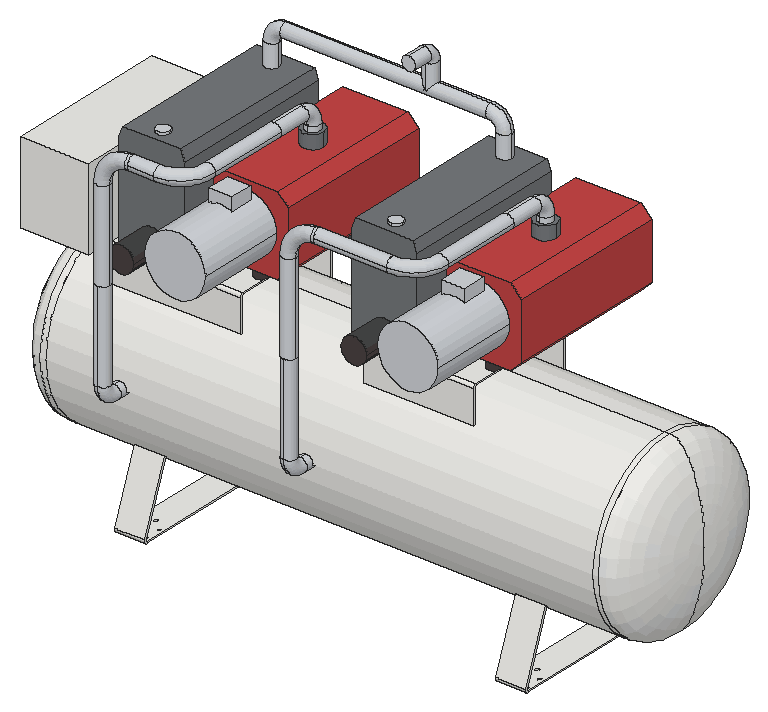
Revit family "HOSPIVAC 2 EVISA", category Equipement de génie climatique, Revit 2018
Family settings
  Cote de connecteur circulaire = Utiliser le diamètre
  Classification = Aucun
  Type d'élément = Normal
  Basée sur le plan de construction = Non
  Toujours verticalement = Oui
  Couper avec des vides une fois chargée = Non
  Partagée = Non
  Point de calcul de pièce = Non
Parameters (values of type "f - HOSPIVAC 2 E200.R")
  ØVIROLE = 650 mm
  ØPOT_FILTRE = 150 mm
  ØFILTRE = 180 mm
  ØCANA = 50 mm
  ZONE_MAINTENANCE [instance] = no
  TENSION_ALIM = 400 V  # constant formula
  TAILLE_POMPE = EVISA : h - E200.R
  PUISS_ELECT_2 = 4 kW
  PUISS_ELECT = 4 kW
  PUISS_APPARENTE_2 = PUISS_ELECT_2 / COS_PHI  # 4444.44 VA
  PUISS_APPARENTE = PUISS_ELECT / COS_PHI  # 4444.44 VA
  POIDS(Kg) = 565 mm
  OFFSET_SELLETTE_1 = 110 mm  # constant formula
  OFFSET_LONG_REFOUL = 221 mm
  OFFSET_LONG_PPE_2 = 940 mm
  OFFSET_LONG_PPE = 90 mm
  OFFSET_LONG_FILTRE2 = 40 mm
  OFFSET_LONG_FILTRE1 = 650 mm
  OFFSET_LONG_CANA_ASPI = 414.5 mm
  OFFSET_LARG_REFOUL = 310.5 mm
  OFFSET_HAUT_SELLETTE = 860 mm
  OFFSET_EVISA300 = 0 mm
  OFFSET_COUDE_CANA_FILTRE = 230 mm
  OFFSET2_LARG_ZONE_MAINT = 600 mm + (ØCANA / 2) + OFFSET_EVISA300  # 625 mm
  OFFSET1_LARG_ZONE_MAINT = 600 mm + (ØFILTRE / 2)  # 690 mm
  NIVEAU_SONORE(dB(A)) = 71
  NEUTRE = yes
  NBR_POLES = 3  # constant formula
  Modèle = "HOSPIVAC"
  Lien espace client = "https://www.mils.fr/en/customers-area/"
  LONG_FOND = 145 mm
  LONGUEUR = 2300 mm
  LARGEUR = 970 mm
  HAUT_TETE_FILTRE = 104 mm
  HAUT_CANA_FILTRE = 30 mm
  HAUTEUR = 1560 mm
  Fabricant = "MIL'S"
  ENTRAXE_CANA_ASPI = 680 mm
  OFFSET_LARG_PPE = 432 mm
  OFFSET_LARG_FILTRE = 410 mm
  OFFSET_LARG_ASPI_PPE = 150 mm
  LONG_SELLETTE_2 = 400 mm
  LONG_SELLETTE_1 = 510 mm
  LONG_OFFSET_REFOUL = 270 mm
  OFFSET_LONG_CANA_REFOUL = 1314 mm
  LONG_ENTRAXE_PIED = 1500 mm
  LG_VIROLE = 2000 mm
  HAUT_VIROLE = 155 mm
  OFFSET_HAUT_FILTRE = 750 mm
  HAUT_REFOUL = 1530 mm
  HAUT_FILTRE = 410 mm
  HAUT_CANA_REFOUL = 1410 mm
  HAUT_ASPI = 1290 mm
  EP.VIROLE = 3 mm
  ENTRAXE_SELLETTE = 450 mm
  ENTRAXE_ALIM_ELEC = 526 mm
  DOUBLE_ALIMENTATION = yes
  DIAM_REFOUL_VIDE = 50 mm
  DIAM_ASPI_VIDE = 50 mm
  DESCR_REFOUL = "Refoulement Vide ; 2x200 m³/h ; G 2\"MAL"
  DESCR_ASPI = "Aspiration Vide ; 2x200 m³/h ; G 2\"FEM"
  DESCR_ALIM_Y = "Alimentation Y ; 5G2.5mm²"
  DESCR_ALIM_X = "Alimentation X ; 5G2.5mm²"
  DEGAG_CALORIFIQUE(kJ/h) = "33074"
  DEBIT_REFOUL_VIDE = DEBIT_ASPI_VIDE  # 400.0 m³/h
  DEBIT_ASPI_VIDE = 400.0 m³/h
  COS_PHI = 0.9  # constant formula
  BRANCHEMENT_TERRE = yes
Reference planes
  plane 1 "Centre (avant/arrière)": y = 0
  plane 2: z = 0
  plane 3 "Centre (gauche/droite)": x = 0
  plane 4: x = -545
  plane 5: x = -545
  plane 6: x = -245
  plane 7 "LG_VIROLE1": x = -1000
  plane 8 "LG_VIROLE2": x = 1000
  plane 9 "HT_VIROLE": z = 155
  plane 10 "HAUT_VIROLE": z = 805
  plane 11: x = -750
  plane 12: x = 750
  plane 13 "LONGUEUR1": x = -1145
  plane 14 "LONGUEUR2": x = 1145
  plane 15: x = -640
  plane 16: x = 640
  plane 17 "OFFSET_SELLETTE1": x = -890
  plane 18: x = -380
  plane 19: x = 70
  plane 20: x = 470
  plane 21 "HAUT_SELLETTE": z = 860
  plane 22: z = 95
  plane 23: y = 300
  plane 24: y = -300
  plane 25 "HAUT_COFFRET": z = 1160
  plane 26 "AV_COFFRET": x = -1112
  plane 27 "AR_COFFRET": x = -862
  plane 28 "OFFSET_HAUT_FILTRE": z = 750
  plane 29 "LARG_FILTRE": y = 410
  plane 30 "OFFSET_LONG_FILTRE2": x = 40
  plane 31 "OFFSET_LONG_FILTRE1": x = -650
  plane 32 "HAUT_FILTRE": z = 410
  plane 33: x = -735
  plane 34: x = -655
  plane 35: y = 237.5
  plane 36: y = 297.5
  plane 37: x = -695
  plane 38: y = 200
  plane 39: y = -200
  plane 40: y = -297.5
  plane 41: y = -237.5
  plane 42: x = 655
  plane 43: x = 735
  plane 44: x = 695
  plane 45 "TUYAUT_FILTRE": z = 720
  plane 46 "OFFSET_CANA_FILTRE1": x = -880
  plane 47 "OFFSET_CANA_FILTRE2": x = 270
  plane 48 "ASPIRATION": x = -221
  plane 49 "OFFSET_ALIM_ELEC": x = -945
  plane 50: y = 263
  plane 51: y = -263
  plane 52: y = -432
  plane 53 "OFFSET_HAUT_REFOUL": z = 1281.512
  plane 54 "HAUT_ASPI": z = 1290
  plane 55 "CENTRE_VIROLE": z = 480
  plane 56 "FLEX_ASPI": y = -400
  plane 57 "OFFSET_REFOUL": y = 310.5
  plane 58 "HAUT_CANA_REFOUL": z = 1410
  plane 59 "HAUT_REFOUL": z = 1530
  plane 60 "LONG_OFFSET_REFOUL": x = -101
  plane 61: x = 169
  plane 62 "OFFSET_LONG_CANA_ASPI_2": x = -50.5
  plane 63 "LARG_COURB_2": x = 59.5
  plane 64 "LARG_COURB_3": x = 585
  plane 65 "OFFSET_LONG_CANA_ASPI": x = -730.5
  plane 66 "LARG_COURB_1": x = -620.5
  plane 67 "IG": x = -1156
  plane 68: z = 646
  plane 69: z = 2130
  plane 70 "OFFSET2_LARG_ZONE_MAINT": y = -1025
  plane 71 "OFFSET1_LARG_ZONE_MAINT": y = 1100
Forms (mm)
  Extrusion 1, solid, not visible
    sketch origin (-671.698, -1524, 268) x (-1, 0, 0) y (0, -1, 0)
      loop
        circle (-126.698, -1132) r 25
    from 0 to 17
  Extrusion 2, solid, not visible
    sketch origin (-671.698, -1524, 268) x (-1, 0, 0) y (0, -1, 0)
      loop
        circle (-126.698, -1132) r 25
    from 0 to 17
  Extrusion 3, solid, not visible
    sketch origin (-371.698, -1524, 268) x (-1, 0, 0) y (0, -1, 0)
      loop
        circle (-126.698, -1132) r 25
    from 0 to 17
  Revolve 4, solid, material "BLANC MILS"
    sketch origin (0, 0, 0) x (1, 0, 0) y (0, 0, 1)
      loop
        line (-1000, 155) -> (1000, 155) -> (1020, 155)
        spline (1020, 155) -> (1036.316, 157.78) -> (1052.352, 166.074) -> (1067.835, 179.739) -> (1082.5, 198.542) -> (1096.095, 222.16) -> (1108.388, 250.19) -> (1119.169, 282.153) -> (1128.253, 317.5) -> (1135.485, 355.628) -> (1140.741, 395.884) -> (1143.931, 437.579) -> (1145, 480)
        line (1145, 480) -> (1142, 480)
        spline (1142, 480) -> (1140.927, 437.734) -> (1137.748, 396.196) -> (1132.522, 356.1) -> (1125.325, 318.15) -> (1116.291, 283.002) -> (1105.588, 251.267) -> (1093.413, 223.505) -> (1080.003, 200.206) -> (1065.637, 181.78) -> (1050.637, 168.54) -> (1035.348, 160.617) -> (1020, 158)
        line (1020, 158) -> (1000, 158) -> (-1000, 158) -> (-1020, 158)
        spline (-1020, 158) -> (-1035.348, 160.617) -> (-1050.637, 168.54) -> (-1065.637, 181.78) -> (-1080.003, 200.206) -> (-1093.413, 223.505) -> (-1105.588, 251.267) -> (-1116.291, 283.002) -> (-1125.325, 318.15) -> (-1132.522, 356.1) -> (-1137.748, 396.196) -> (-1140.927, 437.734) -> (-1142, 480)
        line (-1142, 480) -> (-1145, 480)
        spline (-1145, 480) -> (-1143.931, 437.579) -> (-1140.741, 395.884) -> (-1135.485, 355.628) -> (-1128.253, 317.5) -> (-1119.169, 282.153) -> (-1108.388, 250.19) -> (-1096.095, 222.16) -> (-1082.5, 198.542) -> (-1067.835, 179.739) -> (-1052.352, 166.074) -> (-1036.316, 157.78) -> (-1020, 155)
        line (-1020, 155) -> (-1000, 155)
      axis (-1145, 480) -> (1145, 480)
    angle from 0 to 360
  Extrusion 5, solid, material "BLANC MILS"
    sketch origin (-750, -1524, 469.169) x (0, 0, 1) y (0, -1, 0)
      loop
        line (-469.169, -1213.55) -> (-469.169, -1834.45)
        arc (-469.169, -1834.45) -> (-464.833, -1842.691) -> (-455.585, -1843.786) r 10
        line (-455.585, -1843.786) -> (-218.89, -1752.927) -> (-220.725, -1748.148) -> (-456.407, -1838.618)
        arc (-456.407, -1838.618) -> (-461.535, -1838.855) -> (-464.169, -1834.45) r 5
        line (-464.169, -1834.45) -> (-464.169, -1213.55)
        arc (-464.169, -1213.55) -> (-462.001, -1209.429) -> (-457.377, -1208.882) r 5
        line (-457.377, -1208.882) -> (-221.695, -1299.352) -> (-219.903, -1294.684) -> (-455.585, -1204.214)
        arc (-455.585, -1204.214) -> (-464.833, -1205.309) -> (-469.169, -1213.55) r 10
    from 0 to 110
  Extrusion 6, solid, material "BLANC MILS"
    sketch origin (605, -1524, 469.169) x (0, 0, 1) y (0, -1, 0)
      loop
        line (-469.169, -1214.05) -> (-469.169, -1833.95)
        arc (-469.169, -1833.95) -> (-464.833, -1842.191) -> (-455.585, -1843.286) r 10
        line (-455.585, -1843.286) -> (-219.903, -1752.816) -> (-221.695, -1748.148) -> (-457.377, -1838.618)
        arc (-457.377, -1838.618) -> (-462.001, -1838.071) -> (-464.169, -1833.95) r 5
        line (-464.169, -1833.95) -> (-464.169, -1214.05)
        arc (-464.169, -1214.05) -> (-462.001, -1209.929) -> (-457.377, -1209.382) r 5
        line (-457.377, -1209.382) -> (-221.695, -1299.852) -> (-219.903, -1295.184) -> (-455.585, -1204.714)
        arc (-455.585, -1204.714) -> (-464.833, -1205.809) -> (-469.169, -1214.05) r 10
    from 35 to 145
  Extrusion 7, solid, material "BLANC MILS"
    sketch origin (-900, -1524, 897.628) x (0, 0, 1) y (0, -1, 0)
      loop
        line (-167.628, -1731.5) -> (-47.628, -1731.5)
        arc (-47.628, -1731.5) -> (-40.557, -1728.571) -> (-37.628, -1721.5) r 10
        line (-37.628, -1721.5) -> (-37.628, -1326.5)
        arc (-37.628, -1326.5) -> (-40.557, -1319.429) -> (-47.628, -1316.5) r 10
        line (-47.628, -1316.5) -> (-167.628, -1316.5) -> (-167.628, -1319.5) -> (-47.628, -1319.5)
        arc (-47.628, -1319.5) -> (-42.679, -1321.55) -> (-40.628, -1326.5) r 7
        line (-40.628, -1326.5) -> (-40.628, -1721.5)
        arc (-40.628, -1721.5) -> (-42.679, -1726.45) -> (-47.628, -1728.5) r 7
        line (-47.628, -1728.5) -> (-167.628, -1728.5) -> (-167.628, -1731.5)
    from 10 to 520
  Extrusion 8, solid, material "BLANC MILS"
    sketch origin (70, -1524, 922.267) x (0, 0, 1) y (0, -1, 0)
      loop
        line (-192.267, -1316.5) -> (-192.267, -1319.5) -> (-72.267, -1319.5)
        arc (-72.267, -1319.5) -> (-67.318, -1321.55) -> (-65.267, -1326.5) r 7
        line (-65.267, -1326.5) -> (-65.267, -1721.5)
        arc (-65.267, -1721.5) -> (-67.318, -1726.45) -> (-72.267, -1728.5) r 7
        line (-72.267, -1728.5) -> (-192.267, -1728.5) -> (-192.267, -1731.5) -> (-72.267, -1731.5)
        arc (-72.267, -1731.5) -> (-65.196, -1728.571) -> (-62.267, -1721.5) r 10
        line (-62.267, -1721.5) -> (-62.267, -1326.5)
        arc (-62.267, -1326.5) -> (-65.196, -1319.429) -> (-72.267, -1316.5) r 10
        line (-72.267, -1316.5) -> (-192.267, -1316.5)
    from 0 to 400
  Extrusion 9, solid, material "BLANC MILS"
    sketch origin (837.454, -1524, 95) x (0, -1, 0) y (-1, 0, 0)
      loop
        circle (-1524, -62.546) r 15
    from 0 to -70
  Extrusion 10, solid, material "BLANC MILS"
    sketch origin (-1112, -1524, 1169.64) x (0, 0, 1) y (0, -1, 0)
      loop
        line (-9.64, -1824) -> (-9.64, -1224) -> (-309.64, -1224) -> (-309.64, -1824) -> (-9.64, -1824)
    from 0 to 250
  Extrusion 11, solid, material "NOIR MILS"
    sketch origin (-1112, -1524, 1169.64) x (0, 0, 1) y (0, -1, 0)
      loop
        line (-48.64, -1649) -> (-48.64, -1399) -> (-238.64, -1399) -> (-238.64, -1649) -> (-48.64, -1649)
    from 0 to -3
  Extrusion 12, solid, material "BLANC MILS"
    sketch origin (370.465, 0, 750) x (1, 0, 0) y (0, 1, 0)
      loop
        circle (-1020.465, 410) r 90
      loop
        circle (-330.465, 410) r 90
    from 0 to -340
  Extrusion 13, solid, material "Verre"
    sketch origin (256.5, 0, 410) x (1, 0, 0) y (0, 1, 0)
      loop
        circle (-906.5, 410) r 35
      loop
        circle (-216.5, 410) r 35
    from 0 to -166.5
  Extrusion 14, void
    sketch origin (0, 0, 0) x (0, 1, 0) y (1, 0, 0)
      loop
        circle (297.5, -735) r 5
      loop
        circle (297.5, -655) r 5
      loop
        circle (237.5, -735) r 5
      loop
        circle (237.5, -655) r 5
      loop
        circle (200, -695) r 7
    from 0 to -10
  Extrusion 15, void
    sketch origin (0, 0, 0) x (0, 1, 0) y (1, 0, 0)
      loop
        circle (-297.5, -735) r 5
      loop
        circle (-297.5, -655) r 5
      loop
        circle (-237.5, -735) r 5
      loop
        circle (-237.5, -655) r 5
      loop
        circle (-200, -695) r 7
    from 0 to -10
  Extrusion 16, void
    sketch origin (0, 0, 0) x (0, 1, 0) y (1, 0, 0)
      loop
        circle (297.5, 655) r 5
      loop
        circle (297.5, 735) r 5
      loop
        circle (237.5, 655) r 5
      loop
        circle (237.5, 735) r 5
      loop
        circle (-237.5, 655) r 5
      loop
        circle (-237.5, 735) r 5
      loop
        circle (-297.5, 655) r 5
      loop
        circle (-297.5, 735) r 5
      loop
        circle (200, 695) r 7
      loop
        circle (-200, 695) r 7
    from 0 to -10
  Sweep 17, solid, material "NOIR MILS"
    path origin (213.389, 0, 720) x (1, 0, 0) y (0, 1, 0)
      loop
        line (56.611, 0) -> (56.611, 370)
        arc (56.611, 370) -> (44.895, 398.284) -> (16.611, 410) r 40
        line (16.611, 410) -> (-1053.389, 410)
        arc (-1053.389, 410) -> (-1081.674, 398.284) -> (-1093.389, 370) r 40
        line (-1093.389, 370) -> (-1093.389, 0)
    profile origin (270, 185, 720) x (-1, 0, 0) y (0, 0, 1)
      loop
        circle (0, 0) r 25
  Sweep 18, solid, material "GRIS MILS"
    path origin (-221, 501.729, 1200) x (0, 1, 0) y (0, 0, 1)
      loop
        line (-91.729, -480) -> (-158.904, -412.825)
    profile origin (-221, 376.412, 753.588) x (0, -0.707107, -0.707107) y (1, 0, 0)
      loop
        circle (-0.078, 0) r 25
  Extrusion 19, void
    sketch origin (-920, -1524, 860) x (0, -1, 0) y (-1, 0, 0)
      loop
        circle (-1787, 25) r 10
      loop
        circle (-1261, 25) r 10
    from 0 to -10
  Sweep 20, solid
    path origin (-425, 481.056, 2060) x (0, 1, 0) y (0, 0, 1)
      loop
        line (-304.556, -840) -> (-304.556, -820)
        arc (-304.556, -820) -> (-319.2, -784.645) -> (-354.556, -770) r 50
        line (-354.556, -770) -> (-481.056, -770)
    profile origin (-425, 176.5, 1230) x (0, -1, 0) y (1, 0, 0)
      loop
        circle (0, 0) r 25
  Sweep 21, solid
    path origin (-730.5, -1524, 828.414) x (0, 0, 1) y (0, -1, 0)
      loop
        line (-348.414, -1524) -> (-348.414, -1174)
        arc (-348.414, -1174) -> (-333.77, -1138.645) -> (-298.414, -1124) r 50
        line (-298.414, -1124) -> (31.586, -1124)
    profile origin (-730.5, -175, 480) x (0, 0, -1) y (1, 0, 0)
      loop
        circle (0, 0) r 25
  Sweep 22, solid
    path origin (-717.034, 310.5, 2060) x (-1, 0, 0) y (0, 0, 1)
      loop
        line (-35.034, -780) -> (-35.034, -700)
        arc (-35.034, -700) -> (-49.678, -664.645) -> (-85.034, -650) r 50
        line (-85.034, -650) -> (-836.034, -650)
        arc (-836.034, -650) -> (-871.389, -664.645) -> (-886.034, -700) r 50
        line (-886.034, -700) -> (-886.034, -780)
    profile origin (-682, 310.5, 1320) x (1, 0, 0) y (0, 1, 0)
      loop
        circle (0, 0) r 25
  Sweep 23, solid
    path origin (-101, 0, 1588.428) x (0, 0, 1) y (0, 1, 0)
      loop
        line (-178.428, 310.5) -> (-88.428, 310.5)
        arc (-88.428, 310.5) -> (-67.215, 301.713) -> (-58.428, 280.5) r 30
        line (-58.428, 280.5) -> (-58.428, 210.5)
    profile origin (-101, 310.5, 1455) x (0, 1, 0) y (-1, 0, 0)
      loop
        circle (0, 0) r 25
  Sweep 24, solid
    path origin (-1198.138, -1524, 1290) x (-1, 0, 0) y (0, -1, 0)
      loop
        line (-773.138, -1524) -> (-773.138, -1224)
        arc (-773.138, -1224) -> (-743.849, -1153.289) -> (-673.138, -1124) r 100
        line (-673.138, -1124) -> (-577.638, -1124)
    profile origin (-425, -150, 1290) x (1, 0, 0) y (0, 0, 1)
      loop
        circle (0, 0) r 25
  Sweep 25, solid
    path origin (0, -400, 758.996) x (0, 0, 1) y (-1, 0, 0)
      loop
        line (101.004, 730.5) -> (431.004, 730.5)
        arc (431.004, 730.5) -> (501.714, 701.211) -> (531.004, 630.5) r 100
        line (531.004, 630.5) -> (531.004, 620.5)
    profile origin (-730.5, -400, 1025) x (-1, 0, 0) y (0, -1, 0)
      loop
        circle (0, 0) r 25
  Sweep 26, solid
    path origin (425, 481.056, 2060) x (0, 1, 0) y (0, 0, 1)
      loop
        line (-304.556, -840) -> (-304.556, -820)
        arc (-304.556, -820) -> (-319.2, -784.645) -> (-354.556, -770) r 50
        line (-354.556, -770) -> (-481.056, -770)
    profile origin (425, 176.5, 1230) x (0, -1, 0) y (1, 0, 0)
      loop
        circle (0, 0) r 25
  Sweep 27, solid
    path origin (-50.5, -1524, 945.32) x (0, 0, 1) y (0, -1, 0)
      loop
        line (-465.32, -1524) -> (-465.32, -1174)
        arc (-465.32, -1174) -> (-450.676, -1138.645) -> (-415.32, -1124) r 50
        line (-415.32, -1124) -> (-85.32, -1124)
    profile origin (-50.5, -175, 480) x (0, 0, -1) y (1, 0, 0)
      loop
        circle (0, 0) r 25
  Sweep 28, solid
    path origin (-311.221, -1524, 1290) x (-1, 0, 0) y (0, -1, 0)
      loop
        line (-736.221, -1524) -> (-736.221, -1224)
        arc (-736.221, -1224) -> (-706.931, -1153.289) -> (-636.221, -1124) r 100
        line (-636.221, -1124) -> (-370.721, -1124)
    profile origin (425, -150, 1290) x (1, 0, 0) y (0, 0, 1)
      loop
        circle (0, 0) r 25
  Sweep 29, solid
    path origin (886.918, -400, 786.496) x (0, 0, 1) y (-1, 0, 0)
      loop
        line (73.504, 937.418) -> (403.504, 937.418)
        arc (403.504, 937.418) -> (474.214, 908.128) -> (503.504, 837.418) r 100
        line (503.504, 837.418) -> (503.504, 827.418)
    profile origin (-50.5, -400, 1025) x (-1, 0, 0) y (0, -1, 0)
      loop
        circle (0, 0) r 25
  Extrusion 30, solid, material "JAUNE MILS"
    sketch origin (-1112, -1524, 1169.64) x (0, 0, 1) y (0, -1, 0)
      loop
        line (-172.14, -1763.5) -> (-172.14, -1709.5)
        arc (-172.14, -1709.5) -> (-173.019, -1707.379) -> (-175.14, -1706.5) r 3
        line (-175.14, -1706.5) -> (-229.14, -1706.5)
        arc (-229.14, -1706.5) -> (-231.261, -1707.379) -> (-232.14, -1709.5) r 3
        line (-232.14, -1709.5) -> (-232.14, -1763.5)
        arc (-232.14, -1763.5) -> (-231.261, -1765.621) -> (-229.14, -1766.5) r 3
        line (-229.14, -1766.5) -> (-175.14, -1766.5)
        arc (-175.14, -1766.5) -> (-173.019, -1765.621) -> (-172.14, -1763.5) r 3
      loop
        line (-172.14, -1338.5) -> (-172.14, -1284.5)
        arc (-172.14, -1284.5) -> (-173.019, -1282.379) -> (-175.14, -1281.5) r 3
        line (-175.14, -1281.5) -> (-229.14, -1281.5)
        arc (-229.14, -1281.5) -> (-231.261, -1282.379) -> (-232.14, -1284.5) r 3
        line (-232.14, -1284.5) -> (-232.14, -1338.5)
        arc (-232.14, -1338.5) -> (-231.261, -1340.621) -> (-229.14, -1341.5) r 3
        line (-229.14, -1341.5) -> (-175.14, -1341.5)
        arc (-175.14, -1341.5) -> (-173.019, -1340.621) -> (-172.14, -1338.5) r 3
    from 0 to -5
  Extrusion 31, solid, material "ROUGE MILS"
    sketch origin (-1112, -1524, 1169.64) x (0, 0, 1) y (0, -1, 0)
      loop
        circle (-202.14, -1736.5) r 22.5
      loop
        circle (-202.14, -1311.5) r 22.5
    from 0 to -44
  Extrusion 32, void
    sketch origin (256.5, 0, 410) x (0, 1, 0) y (1, 0, 0)
      loop
        circle (410, -906.5) r 90
      loop
        circle (410, -216.5) r 90
      loop
        circle (410, -906.5) r 75
      loop
        circle (410, -216.5) r 75
    from 0 to -236
  Extrusion 33, solid, material "ZONE_MAINTENANCE", visible <- "ZONE_MAINTENANCE"
    sketch origin (-4, -115.5, 0) x (1, 0, 0) y (0, 1, 0)
      loop
        line (-1752, 1215.5) -> (-1752, -909.5) -> (1299, -909.5) -> (1299, 1215.5) -> (-1752, 1215.5)
    from 0 to 2130
Cuts and joins
  Extrusion 14, Extrusion 15, Extrusion 32 cuts Extrusion 5
  Extrusion 16 cuts Extrusion 6
  Extrusion 19 cuts Revolve 4
  Extrusion 19 cuts Extrusion 10
  Extrusion 19 cuts Sweep 17
  joined: Sweep 20, Sweep 21, Sweep 24, Sweep 25
  joined: Sweep 26, Sweep 27, Sweep 28, Sweep 29
  Extrusion 32 cuts Extrusion 12
Dimensions and locks
  equal spacing: plane 7 "LG_VIROLE1", plane 3 "Centre (gauche/droite)", plane 8 "LG_VIROLE2"
  "LG_VIROLE": plane 7 "LG_VIROLE1" to plane 8 "LG_VIROLE2"
  "HAUT_VIROLE": plane 9 "HT_VIROLE" to level
  "EP.VIROLE": Revolve 4 sketch curve to plane 9 "HT_VIROLE"
  equal spacing: plane 10 "HAUT_VIROLE", Revolve 4 sketch curve, plane 9 "HT_VIROLE"
  "LONG_ENTRAXE_PIED": plane 12 to plane 11
  equal spacing: plane 12, plane 3 "Centre (gauche/droite)", plane 11
  "ØVIROLE": plane 10 "HAUT_VIROLE" to plane 9 "HT_VIROLE"
  "LONG_FOND": plane 7 "LG_VIROLE1" to plane 13 "LONGUEUR1"
  "LONG_FOND": plane 14 "LONGUEUR2" to plane 8 "LG_VIROLE2"
  "EP.VIROLE": Revolve 4 sketch curve to Revolve 4 sketch curve  (x3)
  locked: plane 7 "LG_VIROLE1" to Revolve 4 sketch curve at 20
  locked: Revolve 4 sketch curve to Revolve 4 sketch curve at 20
  locked: Extrusion 5 sketch curve to Extrusion 5 sketch curve at 252.45  (x2)
  locked: plane 15 to plane 11 at 110
  locked: Extrusion 6 sketch curve to Extrusion 6 sketch curve at 252.45  (x2)
  locked: plane 12 to plane 16 at 110
  "LONG_SELLETTE_1": plane 18 to plane 17 "OFFSET_SELLETTE1"
  "OFFSET_HAUT_SELLETTE": plane 21 "HAUT_SELLETTE" to level
  locked: plane 21 "HAUT_SELLETTE" to Extrusion 7 sketch curve at 130  (x2)
  locked: Extrusion 7 sketch curve to Extrusion 7 sketch curve at 415
  equal spacing: Extrusion 7 sketch curve, plane 1 "Centre (avant/arrière)", Extrusion 7 sketch curve
  "EP.VIROLE": Extrusion 7 sketch curve to Extrusion 7 sketch curve  (x3)
  locked: plane 22 to level at 95
  locked: Extrusion 9 sketch curve to plane 14 "LONGUEUR2" at 245
  equal spacing: plane 23, plane 1 "Centre (avant/arrière)", plane 24
  locked: plane 23 to plane 24 at 600
  locked: plane 27 "AR_COFFRET" to plane 26 "AV_COFFRET" at 250
  equal spacing: Extrusion 11 sketch curve, plane 1 "Centre (avant/arrière)", Extrusion 11 sketch curve
  locked: Extrusion 11 sketch curve to Extrusion 11 sketch curve at 250
  locked: Extrusion 11 sketch curve to Extrusion 11 sketch curve at 190
  locked: Extrusion 11 sketch curve to plane 21 "HAUT_SELLETTE" at 71
  "OFFSET_LARG_FILTRE": plane 1 "Centre (avant/arrière)" to plane 29 "LARG_FILTRE"
  "OFFSET_LONG_FILTRE2": plane 3 "Centre (gauche/droite)" to plane 30 "OFFSET_LONG_FILTRE2"
  "OFFSET_LONG_FILTRE1": plane 31 "OFFSET_LONG_FILTRE1" to plane 3 "Centre (gauche/droite)"
  "OFFSET_HAUT_FILTRE": level to plane 28 "OFFSET_HAUT_FILTRE"
  "HAUT_FILTRE": level to plane 32 "HAUT_FILTRE"
  locked: plane 33 to plane 34 at 80
  locked: plane 36 to plane 35 at 60
  locked: plane 35 to plane 1 "Centre (avant/arrière)" at 237.5
  locked: plane 38 to plane 1 "Centre (avant/arrière)" at 200
  locked: plane 39 to plane 1 "Centre (avant/arrière)" at 200
  locked: plane 41 to plane 1 "Centre (avant/arrière)" at 237.5
  locked: plane 41 to plane 40 at 60
  "HAUT_CANA_FILTRE": plane 45 "TUYAUT_FILTRE" to plane 28 "OFFSET_HAUT_FILTRE"
  "OFFSET_COUDE_CANA_FILTRE": plane 46 "OFFSET_CANA_FILTRE1" to plane 31 "OFFSET_LONG_FILTRE1"
  "OFFSET_COUDE_CANA_FILTRE": plane 30 "OFFSET_LONG_FILTRE2" to plane 47 "OFFSET_CANA_FILTRE2"
  "OFFSET_LONG_REFOUL": plane 48 "ASPIRATION" to plane 3 "Centre (gauche/droite)"
  Sweep 18 sketch curve to Sweep 18 sketch curve = 95 mm
  locked: plane 49 "OFFSET_ALIM_ELEC" to plane 27 "AR_COFFRET" at 83
  equal spacing: plane 50, plane 1 "Centre (avant/arrière)", plane 51
  "ENTRAXE_ALIM_ELEC": plane 50 to plane 51
  "OFFSET_LARG_PPE": plane 1 "Centre (avant/arrière)" to plane 52  (x2)
  "OFFSET_LONG_PPE": plane 17 "OFFSET_SELLETTE1" to nested 1
  "ENTRAXE_SELLETTE": plane 19 to plane 18
  "OFFSET_SELLETTE_1": plane 17 "OFFSET_SELLETTE1" to plane 7 "LG_VIROLE1"
  "LONG_SELLETTE_2": plane 20 to plane 19
  "OFFSET_LONG_PPE_2": plane 17 "OFFSET_SELLETTE1" to nested 2
  "HAUT_ASPI": plane 54 "HAUT_ASPI" to level
  equal spacing: plane 10 "HAUT_VIROLE", plane 55 "CENTRE_VIROLE", plane 9 "HT_VIROLE"
  locked: plane 1 "Centre (avant/arrière)" to plane 56 "FLEX_ASPI" at 400
  "OFFSET_LARG_REFOUL": plane 1 "Centre (avant/arrière)" to plane 57 "OFFSET_REFOUL"
  "HAUT_CANA_REFOUL": level to plane 58 "HAUT_CANA_REFOUL"
  "HAUT_REFOUL": level to plane 59 "HAUT_REFOUL"
  "OFFSET_LONG_CANA_REFOUL": plane 61 to plane 13 "LONGUEUR1"
  "LONG_OFFSET_REFOUL": plane 60 "LONG_OFFSET_REFOUL" to plane 61
  "ENTRAXE_CANA_ASPI": plane 62 "OFFSET_LONG_CANA_ASPI_2" to plane 65 "OFFSET_LONG_CANA_ASPI"
  locked: plane 62 "OFFSET_LONG_CANA_ASPI_2" to plane 63 "LARG_COURB_2" at 110
  locked: plane 27 "AR_COFFRET" to plane 17 "OFFSET_SELLETTE1" at 28
  "OFFSET_LONG_CANA_ASPI": plane 65 "OFFSET_LONG_CANA_ASPI" to plane 13 "LONGUEUR1"
  locked: plane 65 "OFFSET_LONG_CANA_ASPI" to plane 66 "LARG_COURB_1" at 110
  locked: Sweep 23 sketch curve to Sweep 23 sketch curve at 100
  equal spacing: Extrusion 5 sketch curve, plane 1 "Centre (avant/arrière)", Extrusion 5 sketch curve
  locked: Extrusion 5 sketch curve to Extrusion 5 sketch curve at 620.9
  equal spacing: Extrusion 6 sketch curve, plane 1 "Centre (avant/arrière)", Extrusion 6 sketch curve, locked at 309.95 each
  locked: Extrusion 6 sketch curve to Extrusion 6 sketch curve at 619.9
  plane 46 "OFFSET_CANA_FILTRE1" to plane 47 "OFFSET_CANA_FILTRE2" = 1150 mm
  locked: plane 11 to plane 33 at 15
  equal spacing: plane 11, plane 37, plane 15, locked at 55 each
  locked: plane 42 to plane 43 at 80
  locked: plane 43 to plane 12 at 15
  equal spacing: plane 16, plane 44, plane 12, locked at 55 each
  locked: plane 25 "HAUT_COFFRET" to plane 21 "HAUT_SELLETTE" at 300
  locked: Extrusion 30 sketch curve to Extrusion 30 sketch curve at 60  (x3)
  locked: Extrusion 30 sketch curve to Extrusion 30 sketch curve at 365
  equal spacing: Extrusion 30 sketch curve, plane 1 "Centre (avant/arrière)", Extrusion 30 sketch curve
  locked: Extrusion 30 sketch curve to nested 2 at 77.5
  locked: plane 67 "IG" to plane 26 "AV_COFFRET" at 44
  equal spacing: Extrusion 30, Extrusion 31 sketch curve, Extrusion 30, locked at 30 each  (x4)
  "HAUT_TETE_FILTRE": plane 68 to plane 28 "OFFSET_HAUT_FILTRE"
  locked: Extrusion 33 sketch curve to plane 67 "IG" at 600
  locked: plane 14 "LONGUEUR2" to Extrusion 33 sketch curve at 150
  locked: plane 69 to plane 59 "HAUT_REFOUL" at 600
  "OFFSET2_LARG_ZONE_MAINT": plane 56 "FLEX_ASPI" to plane 70 "OFFSET2_LARG_ZONE_MAINT"
  "OFFSET1_LARG_ZONE_MAINT": plane 71 "OFFSET1_LARG_ZONE_MAINT" to plane 29 "LARG_FILTRE"
  radius of Extrusion 1 sketch curve = 25 mm
  radius of Extrusion 2 sketch curve = 25 mm
  radius of Extrusion 3 sketch curve = 25 mm
  radius of Extrusion 5 sketch curve = 10 mm  (x2)
  radius of Extrusion 6 sketch curve = 10 mm  (x2)
  radius of Extrusion 7 sketch curve = 10 mm  (x2)
  radius of Extrusion 7 sketch curve = 7 mm  (x2)
  "ØFILTRE": diameter of Extrusion 12 sketch curve  (x2)
  diameter of Extrusion 13 sketch curve = 70 mm  (x2)
  diameter of Extrusion 14 sketch curve = 10 mm  (x4)
  diameter of Extrusion 14 sketch curve = 14 mm
  diameter of Extrusion 15 sketch curve = 10 mm  (x4)
  diameter of Extrusion 15 sketch curve = 14 mm
  diameter of Extrusion 16 sketch curve = 10 mm  (x8)
  diameter of Extrusion 16 sketch curve = 14 mm  (x2)
  radius of Sweep 17 sketch curve = 40 mm  (x2)
  diameter of Extrusion 19 sketch curve = 20 mm  (x2)
  "ØCANA": diameter of Sweep 20 sketch curve
  "ØCANA": diameter of Sweep 21 sketch curve
  radius of Sweep 21 sketch curve = 50 mm
  radius of Sweep 22 sketch curve = 50 mm  (x2)
  "ØCANA": diameter of Sweep 22 sketch curve
  radius of Sweep 23 sketch curve = 30 mm
  "ØCANA": diameter of Sweep 23 sketch curve
  radius of Sweep 24 sketch curve = 100 mm
  radius of Sweep 25 sketch curve = 100 mm
  radius of Sweep 20 sketch curve = 50 mm
  "ØCANA": diameter of Sweep 26 sketch curve
  "ØCANA": diameter of Sweep 27 sketch curve
  radius of Sweep 27 sketch curve = 50 mm
  radius of Sweep 28 sketch curve = 100 mm
  radius of Sweep 29 sketch curve = 100 mm
  radius of Sweep 26 sketch curve = 50 mm
  "ØCANA": diameter of Sweep 17 sketch curve
  "ØCANA": diameter of Sweep 18 sketch curve
  radius of Extrusion 30 sketch curve = 3 mm  (x8)
  diameter of Extrusion 31 sketch curve = 45 mm  (x2)
  "ØPOT_FILTRE": diameter of Extrusion 32 sketch curve  (x2)
  locked: level to Extrusion 5 sketch curve (angle 69.00°)
  locked: Extrusion 5 sketch curve to level (angle 69.00°)
  locked: plane 29 "LARG_FILTRE" to Sweep 18 sketch curve (angle 45.00°)
  aligned and locked: level to plane 2
  aligned and locked: Revolve 4 sketch curve to plane 13 "LONGUEUR1"
  aligned and locked: Revolve 4 sketch curve to plane 14 "LONGUEUR2"
  aligned and locked: Revolve 4 sketch curve to Revolve 4 sketch curve
  aligned and locked: Extrusion 5 sketch curve to level
  aligned and locked: plane 15 to Extrusion 5
  aligned and locked: plane 12 to Extrusion 6
  aligned and locked: Extrusion 6 to plane 16
  aligned and locked: Extrusion 6 sketch curve to level
  aligned and locked: Extrusion 7 sketch curve to plane 21 "HAUT_SELLETTE"
  aligned and locked: plane 18 to Extrusion 7
  aligned and locked: Extrusion 8 sketch curve to Extrusion 7  (x5)
  aligned and locked: Extrusion 8 sketch curve to plane 21 "HAUT_SELLETTE"
  aligned and locked: Extrusion 7 to Extrusion 8 sketch curve  (x2)
  aligned and locked: plane 1 "Centre (avant/arrière)" to Extrusion 9 sketch curve
  aligned and locked: Extrusion 10 sketch curve to plane 25 "HAUT_COFFRET"
  aligned and locked: plane 23 to Extrusion 10 sketch curve
  aligned and locked: Extrusion 10 sketch curve to plane 24
  aligned and locked: plane 21 "HAUT_SELLETTE" to Extrusion 10 sketch curve
  aligned and locked: plane 27 "AR_COFFRET" to Extrusion 10
  aligned and locked: Extrusion 10 to plane 26 "AV_COFFRET"
  aligned and locked: plane 29 "LARG_FILTRE" to Extrusion 12 sketch curve
  aligned and locked: plane 31 "OFFSET_LONG_FILTRE1" to Extrusion 12 sketch curve
  aligned and locked: plane 30 "OFFSET_LONG_FILTRE2" to Extrusion 12 sketch curve
  aligned and locked: plane 28 "OFFSET_HAUT_FILTRE" to Extrusion 12
  aligned and locked: Extrusion 12 to plane 32 "HAUT_FILTRE"
  aligned and locked: plane 29 "LARG_FILTRE" to Extrusion 13 sketch curve  (x2)
  aligned and locked: plane 31 "OFFSET_LONG_FILTRE1" to Extrusion 13 sketch curve
  aligned and locked: plane 30 "OFFSET_LONG_FILTRE2" to Extrusion 13 sketch curve
  aligned and locked: plane 36 to Extrusion 14 sketch curve  (x2)
  aligned and locked: plane 33 to Extrusion 14 sketch curve
  aligned and locked: plane 34 to Extrusion 14 sketch curve  (x2)
  aligned and locked: plane 35 to Extrusion 14 sketch curve  (x2)
  aligned and locked: Extrusion 14 sketch curve to plane 33
  aligned and locked: plane 37 to Extrusion 14 sketch curve
  aligned and locked: plane 38 to Extrusion 14 sketch curve
  aligned and locked: Extrusion 15 sketch curve to plane 33  (x2)
  aligned and locked: Extrusion 15 sketch curve to plane 34  (x2)
  aligned and locked: Extrusion 15 sketch curve to plane 37
  aligned and locked: plane 39 to Extrusion 15 sketch curve
  aligned and locked: plane 41 to Extrusion 15 sketch curve  (x2)
  aligned and locked: plane 40 to Extrusion 15 sketch curve  (x2)
  aligned and locked: plane 42 to Extrusion 16 sketch curve
  aligned and locked: Extrusion 16 sketch curve to plane 42  (x3)
  aligned and locked: plane 43 to Extrusion 16 sketch curve
  aligned and locked: Extrusion 16 sketch curve to plane 43  (x3)
  aligned and locked: Extrusion 16 sketch curve to plane 36  (x2)
  aligned and locked: Extrusion 16 sketch curve to plane 35  (x2)
  aligned and locked: plane 44 to Extrusion 16 sketch curve
  aligned and locked: Extrusion 16 sketch curve to plane 38
  aligned and locked: Extrusion 16 sketch curve to plane 44
  aligned and locked: Extrusion 16 sketch curve to plane 39
  aligned and locked: Extrusion 16 sketch curve to plane 41  (x2)
  aligned and locked: Extrusion 16 sketch curve to plane 40  (x2)
  aligned and locked: plane 29 "LARG_FILTRE" to Sweep 17 sketch curve
  aligned and locked: profile plane to Sweep 17 sketch curve  (x2)
  aligned and locked: Sweep 17 sketch curve to plane 46 "OFFSET_CANA_FILTRE1"
  aligned and locked: Sweep 17 sketch curve to plane 47 "OFFSET_CANA_FILTRE2"
  aligned and locked: plane 29 "LARG_FILTRE" to Sweep 18 sketch curve
  aligned and locked: plane 45 "TUYAUT_FILTRE" to Sweep 18 sketch curve
  aligned and locked: profile plane to Sweep 18 sketch curve
  aligned and locked: plane 49 "OFFSET_ALIM_ELEC" to Extrusion 19 sketch curve  (x2)
  aligned and locked: plane 50 to Extrusion 19 sketch curve
  aligned and locked: plane 51 to Extrusion 19 sketch curve
  aligned and locked: plane 52 to nested 1
  aligned and locked: plane 21 "HAUT_SELLETTE" to nested 1
  aligned and locked: plane 52 to nested 2
  aligned and locked: plane 21 "HAUT_SELLETTE" to nested 2
  aligned and locked: Extrusion 7 to plane 17 "OFFSET_SELLETTE1"
  aligned and locked: profile plane to Sweep 20 sketch curve  (x2)
  aligned and locked: Sweep 20 sketch curve to plane 54 "HAUT_ASPI"
  aligned and locked: profile plane to Sweep 21 sketch curve  (x2)
  aligned and locked: Sweep 21 sketch curve to plane 55 "CENTRE_VIROLE"
  aligned and locked: plane 1 "Centre (avant/arrière)" to Sweep 21 sketch curve
  aligned and locked: plane 56 "FLEX_ASPI" to Sweep 21 sketch curve
  aligned and locked: nested 1 to Sweep 22 sketch curve
  aligned and locked: profile plane to Sweep 22 sketch curve  (x2)
  aligned and locked: plane 58 "HAUT_CANA_REFOUL" to Sweep 22 sketch curve
  aligned and locked: plane 58 "HAUT_CANA_REFOUL" to Sweep 23 sketch curve
  aligned and locked: plane 57 "OFFSET_REFOUL" to Sweep 23 sketch curve
  aligned and locked: plane 59 "HAUT_REFOUL" to Sweep 23 sketch curve
  aligned and locked: profile plane to Sweep 23 sketch curve  (x2)
  aligned and locked: Sweep 24 sketch curve to nested 1
  aligned and locked: Sweep 24 sketch curve to plane 56 "FLEX_ASPI"
  aligned and locked: Sweep 24 sketch curve to Sweep 20
  aligned and locked: Sweep 25 sketch curve to plane 54 "HAUT_ASPI"
  aligned and locked: nested 1 to Sweep 25 sketch curve
  aligned and locked: Sweep 25 sketch curve to Sweep 21
  aligned and locked: plane 1 "Centre (avant/arrière)" to Sweep 24 sketch curve
  aligned and locked: Sweep 22 sketch curve to plane 61
  aligned and locked: plane 1 "Centre (avant/arrière)" to Sweep 20 sketch curve
  aligned and locked: nested 1 to Sweep 20 sketch curve  (x2)
  aligned and locked: profile plane to Sweep 26 sketch curve  (x2)
  aligned and locked: profile plane to Sweep 27 sketch curve  (x2)
  aligned and locked: Sweep 28 sketch curve to Sweep 26
  aligned and locked: Sweep 29 sketch curve to Sweep 27
  aligned and locked: plane 55 "CENTRE_VIROLE" to Sweep 27 sketch curve
  aligned and locked: Sweep 27 sketch curve to plane 56 "FLEX_ASPI"
  aligned and locked: nested 1 to Sweep 27 sketch curve
  aligned and locked: plane 62 "OFFSET_LONG_CANA_ASPI_2" to Sweep 29 sketch curve
  aligned and locked: nested 1 to Sweep 29 sketch curve
  aligned and locked: plane 54 "HAUT_ASPI" to Sweep 26 sketch curve
  aligned and locked: Sweep 29 sketch curve to plane 54 "HAUT_ASPI"
  aligned and locked: Sweep 28 sketch curve to nested 2
  aligned and locked: plane 63 "LARG_COURB_2" to Sweep 29 sketch curve
  aligned and locked: plane 63 "LARG_COURB_2" to Sweep 28 sketch curve
  aligned and locked: nested 2 to Sweep 26 sketch curve
  aligned and locked: plane 65 "OFFSET_LONG_CANA_ASPI" to Sweep 25 sketch curve
  aligned and locked: plane 1 "Centre (avant/arrière)" to Sweep 26 sketch curve
  aligned and locked: nested 1 to Sweep 26 sketch curve
  aligned and locked: plane 66 "LARG_COURB_1" to Sweep 25 sketch curve
  aligned and locked: plane 66 "LARG_COURB_1" to Sweep 24 sketch curve
  aligned and locked: Sweep 22 sketch curve to nested 1
  aligned and locked: plane 20 to Extrusion 8
  aligned and locked: Extrusion 30 sketch curve to Extrusion 30 sketch curve  (x2)
  aligned and locked: Extrusion 32 sketch curve to Extrusion 12  (x2)
  aligned and locked: plane 31 "OFFSET_LONG_FILTRE1" to Extrusion 32 sketch curve
  aligned and locked: plane 29 "LARG_FILTRE" to Extrusion 32 sketch curve  (x2)
  aligned and locked: plane 30 "OFFSET_LONG_FILTRE2" to Extrusion 32 sketch curve
  aligned and locked: Extrusion 32 to plane 68
  aligned and locked: Extrusion 33 to plane 69
  aligned and locked: Extrusion 33 to level
  aligned and locked: Extrusion 33 to plane 70 "OFFSET2_LARG_ZONE_MAINT"
  aligned and locked: plane 71 "OFFSET1_LARG_ZONE_MAINT" to Extrusion 33
  aligned and locked: nested 2 to Sweep 22 sketch curve
Automatic sketch dimensions
  Revolve 4 sketch curve to plane 7 "LG_VIROLE1" = 0 mm  (x2)
  Revolve 4 sketch curve to plane 8 "LG_VIROLE2" = 0 mm  (x2)
  Revolve 4 sketch curve to plane 55 "CENTRE_VIROLE" = 0 mm
  Revolve 4 sketch curve to Revolve 4 sketch curve = 0 mm  (x2)
  Revolve 4 sketch curve to plane 26 "AV_COFFRET" = 9.812 mm
  Extrusion 7 sketch curve to Extrusion 7 sketch curve = 0 mm
  Extrusion 8 sketch curve to Extrusion 8 sketch curve = 0 mm  (x4)
  Extrusion 8 sketch curve to Extrusion 8 sketch curve = 7 mm
  Extrusion 8 sketch curve to plane 38 = 2.5 mm
  plane 1 "Centre (avant/arrière)" to Sweep 17 sketch curve = 0 mm  (x2)
  profile plane to Sweep 18 sketch curve = 0.078 mm
  Sweep 27 sketch curve to plane 1 "Centre (avant/arrière)" = 0 mm
  plane 1 "Centre (avant/arrière)" to Sweep 28 sketch curve = 0 mm
  plane 56 "FLEX_ASPI" to Sweep 28 sketch curve = 0 mm
  Extrusion 5 sketch curve to Extrusion 5 sketch curve = 0 mm  (x4)
  Extrusion 5 sketch curve to Extrusion 5 sketch curve = 5 mm
  Extrusion 5 sketch curve to Extrusion 5 sketch curve = 1.792 mm
  Extrusion 5 sketch curve to Extrusion 5 sketch curve = 2.762 mm
  Extrusion 6 sketch curve to Extrusion 6 sketch curve = 0 mm  (x3)
  level to Extrusion 6 sketch curve = 5 mm
  Extrusion 6 sketch curve to Extrusion 6 sketch curve = 5 mm
  Extrusion 6 sketch curve to Extrusion 6 sketch curve = 1.792 mm  (x4)
  Extrusion 33 sketch curve to plane 70 "OFFSET2_LARG_ZONE_MAINT" = 0 mm
  plane 29 "LARG_FILTRE" to Extrusion 33 sketch curve = 690 mm
  Extrusion 12 sketch curve to plane 29 "LARG_FILTRE" = 0 mm
  Revolve 4 sketch curve to Revolve 4 sketch curve = 320.688 mm
  Sweep 21 sketch curve to plane 21 "HAUT_SELLETTE" = 0 mm
  radius of Extrusion 9 sketch curve = 15 mm
Nested families
  nested 1: "EVISA" at (-749.5, -83.5, 860) x (0, 1, 0) z (0, 0, 1), type <- "TAILLE_POMPE", type "h - E200.R"
    with ZONE_MAINTENANCE no, COUDE_REFOUL no
  nested 2: "EVISA" at (100.5, -83.5, 860) x (0, 1, 0) z (0, 0, 1), type <- "TAILLE_POMPE", type "h - E200.R"
    with ZONE_MAINTENANCE no, COUDE_REFOUL no
Connectors
  electrical at (-945, 263, 870), driven by "DESCR_ALIM_X", driven by "PUISS_APPARENTE", driven by "NBR_POLES", driven by "TENSION_ALIM"
    settings: on cut or joined group of Extrusion 10, Extrusion 19, index 1, voltage 400 V, apparent load 4444.44 VA, apparent load phase1 0 VA, apparent load phase2 0 VA, apparent load phase3 0 VA, power factor 1, load classification "Autre", number of poles 3, system type 30, power factor state 1, is connector primary yes, connector utility yes, sub classification motor no, connector description "Alimentation X ; 5G2.5mm²"
  electrical at (-945, -263, 870), driven by "NBR_POLES", driven by "TENSION_ALIM", driven by "PUISS_APPARENTE_2", driven by "DESCR_ALIM_Y"
    settings: on cut or joined group of Extrusion 10, Extrusion 19, index 2, voltage 400 V, apparent load 4444.44 VA, apparent load phase1 0 VA, apparent load phase2 0 VA, apparent load phase3 0 VA, power factor 1, load classification "Autre", number of poles 3, system type 30, power factor state 1, is connector primary no, connector utility yes, sub classification motor no, connector description "Alimentation Y ; 5G2.5mm²"
  piping at (-101, 210.5, 1530), diameter 50, driven by "DIAM_REFOUL_VIDE", driven by "DEBIT_REFOUL_VIDE", driven by "DESCR_REFOUL"
    settings: on Sweep 23, index 3, connector inside diameter 609.6 mm, connector length 0 mm, flow factor 0, pipe flow 400.0 m³/h, pressure drop 0.0 Pa, fitting loss kfactor 0, connector angle 0.00°, fixture units 0, engagement length 0 mm, angle of deflection 0.00°, flow configuration 0, flow direction 2, fitting loss method 0, system type 22, joint type 0, gender type 0, connector reference index -1, connector utility 1, adjustable connector no, is connector primary yes, connector description "Refoulement Vide ; 2x200 m³/h ; G 2\"MAL"
  piping at (-221, 342.88, 787.23), diameter 50, driven by "DIAM_ASPI_VIDE", driven by "DEBIT_ASPI_VIDE", driven by "DESCR_ASPI"
    settings: on Sweep 18, index 4, connector inside diameter 609.6 mm, connector length 0 mm, flow factor 0, pipe flow 400.0 m³/h, pressure drop 0.0 Pa, fitting loss kfactor 0, connector angle 0.00°, fixture units 0, engagement length 0 mm, angle of deflection 0.00°, flow configuration 0, flow direction 1, fitting loss method 0, system type 22, joint type 0, gender type 0, connector reference index -1, connector utility 1, adjustable connector no, is connector primary no, connector description "Aspiration Vide ; 2x200 m³/h ; G 2\"FEM"
Definition of nested family "EVISA"
  Parameters (values of type "d - E40.R")
    ØVIDANGE = 30 mm
    ØSILENTB. = 30 mm
    ØFILTRE_HUILE = 76 mm
    ØCOUDE_REFOUL. = 30 mm
    ØBRIDE = 50 mm
    ØBOUCH_OIL = 48.5 mm
    ZONE_MAINTENANCE [instance] = yes
    TENSION_ALIM = 400 V
    REFOUL_E40-100.R+SILENTB_N°5 = yes
    SILENTB_N°2 = no
    SILENTB_N°1 = no
    VISIBILITE_BRIDE = no
    RAY_COUDE_REFOUL. = ØCOUDE_REFOUL. * 0.8  # 24 mm
    PUISS_ELECT = 1.1 kW
    PUISSANCE_APPARENTE = PUISS_ELECT / 0.9  # 1222.22 VA
    PROF.VIDANGE = 37 mm
    ZONE_MAINT_50 = 100 mm + LONG_REFOUL.  # 131 mm
    POIDS(Kg) = 34.3 mm
    NIVEAU_SONORE(dB(A)) = 58
    NEUTRE = no
    NBR_POLES = 3
    Model = "EVISA"
    Lien espace client = "https://www.mils.fr/en/customers-area/"
    LONG_ZONE_MAINT = LONGUEUR + ZONE_MAINT_400  # 843 mm
    LONG_OFFSET_SILENTB_E25/100.R = 104.587 mm
    ZONE_MAINT_400 = 400 mm  # constant formula
    LARG_REFOUL_E25/100.R = 47.5 mm
    LARG_OFFSET_VIDANGE = 63.3 mm
    LARG_OFFSET_SILENTB_E25/100.R = 253.5 mm
    ZONE_MAINT_200 = 200 mm  # constant formula
    LARGEUR = 300 mm
    HAUT_REFOUL_E25/100.R = 55 mm
    HAUT_REFOUL. = 225 mm
    HAUT_OFFSET_VIDANGE = 38.5 mm
    LONGUEUR = 443 mm
    LARG_OFFSET_MOT_ELECT. = 72.3 mm
    LARG_OFFSET_FILTRE = 62 mm
    LARG_OFFSET_CORPS = 22.2 mm
    OFFSET_BOITE_REFOUL. = 67 mm
    LONG_OFFSET_REFOUL = 214 mm
    LONG_OFFSET_CORPS = 300 mm
    LONG_OFFSET_BRIDE = 159 mm
    LONG_OFFSET_BOITE_BORNE = 179 mm
    LONG_MOT_ELECT. = 397.5 mm
    LONG_FILTRE_HUILE = 76 mm
    LONG_ENTRAXE_SILENTB. = 187 mm
    LONG_CORPS = 49 mm
    LONG_BOITE_REFOUL. = 312 mm
    ØMOT_ELECT. = 189 mm
    LONG_BOITE_BORNE = 85 mm
    LARG_OFFSET_OIL = 44 mm
    LARG_OFFSET_COUDE_REFOUL. = 131 mm
    LARG_OFFSET_BRIDE = 85 mm
    LARG_OFFSET_BOITE_BORNE = LARG_BOITE_BORNE / 2  # 42.5 mm
    LARG_ENTRAXE_SILENTB. = 253.5 mm
    LARG_CORPS = 172.2 mm
    LARG_BOITE_REFOUL. = 128 mm
    LARG_BOITE_BORNE = 85 mm
    HAUT_SILENTB. = 21 mm
    LONG_REFOUL. = 31 mm
    HAUT_BOITE_REFOUL. = 257 mm
    HAUT_MOT_ELECT. = 115.5 mm
    HAUT_FILTRE_HUILE = 65.5 mm
    HAUT_CORPS = 180 mm
    HAUT_BRIDE = 228 mm
    HAUT_BOITE_BORNE = 237 mm
    HAUTEUR = 258 mm
    Manufacturer = "MIL'S"
    DIAM_REFOUL_VIDE = DIAM_ASPI_VIDE  # 25 mm
    DIAM_ASPI_VIDE = 25 mm
    DESCR_REFOUL = "Refoulement Vide ; 44 m³/h ; G 1\" FEM"
    DESCR_ASPI = "Aspiration Vide ; 44 m³/h ; G 1\" FEM"
    DESCR_ALIM_ELECT = "Alimentation électrique, 4G1.5mm²"
    DEBIT_REFOUL_VIDE = DEBIT_ASPI_VIDE  # 44.0 m³/h
    DEBIT_ASPI_VIDE = 44.0 m³/h
    COUDE_REFOUL [instance] = no
    COS_PHI = 0.9  # constant formula
    CORPS = no
    CHANF.CORPS = 36 mm
    CHANF.REF.V = 5 mm
    BRANCHEMENT_TERRE = yes
  Types (13, lengths in mm): name | ØSILENTB. | ØFILTRE_HUILE | ØCOUDE_REFOUL. | ØBRIDE | REFOUL_E40-100.R+SILENTB_N°5 | SILENTB_N°2 | SILENTB_N°1 | VISIBILITE_BRIDE | RAY_COUDE_REFOUL. | PUISS_ELECT | PUISSANCE_APPARENTE | PROF.VIDANGE | ZONE_MAINT_50 | POIDS(Kg) | NIVEAU_SONORE(dB(A)) | NEUTRE | LONG_ZONE_MAINT | LONG_OFFSET_SILENTB_E25/100.R | LARG_REFOUL_E25/100.R | LARG_OFFSET_VIDANGE | LARG_OFFSET_SILENTB_E25/100.R | LARGEUR | HAUT_REFOUL_E25/100.R | HAUT_REFOUL. | HAUT_OFFSET_VIDANGE | LONGUEUR | LARG_OFFSET_MOT_ELECT. | LARG_OFFSET_FILTRE | LARG_OFFSET_CORPS | OFFSET_BOITE_REFOUL. | LONG_OFFSET_REFOUL | LONG_OFFSET_CORPS | LONG_OFFSET_BRIDE | LONG_OFFSET_BOITE_BORNE | LONG_MOT_ELECT. | LONG_FILTRE_HUILE | LONG_ENTRAXE_SILENTB. | LONG_CORPS | LONG_BOITE_REFOUL. | ØMOT_ELECT. | LONG_BOITE_BORNE | LARG_OFFSET_OIL | LARG_OFFSET_COUDE_REFOUL. | LARG_OFFSET_BRIDE | LARG_OFFSET_BOITE_BORNE | LARG_ENTRAXE_SILENTB. | LARG_CORPS | LARG_BOITE_REFOUL. | LARG_BOITE_BORNE | HAUT_SILENTB. | LONG_REFOUL. | HAUT_BOITE_REFOUL. | HAUT_MOT_ELECT. | HAUT_FILTRE_HUILE | HAUT_CORPS | HAUT_BRIDE | HAUT_BOITE_BORNE | HAUTEUR | DIAM_REFOUL_VIDE | DIAM_ASPI_VIDE | DESCR_REFOUL | DESCR_ASPI | DESCR_ALIM_ELECT | DEBIT_REFOUL_VIDE | DEBIT_ASPI_VIDE | COUDE_REFOUL | CORPS | CHANF.CORPS | CHANF.REF.V
    i - E300.R | 50 | 100 | 60 | 80 | no | yes | yes | no | 48 | 5.5 kW | 6111.11 VA | 36 | 161 | 172 | 72 | no | 1463 | 104.587 | 62.175 | 192.5 | 235.702 | 516 | 67.5 | 477 | 50 | 1063 | 35 | 118 | 121 | 108.5 | 440.5 | 662.5 | 306.5 | 8 | 385.5 | 138 | 260 | 688 | 610 | 264 | 125 | 53 | 277 | 141 | 62.5 | 344.5 | 280 | 236 | 125 | 31.5 | 61 | 420 | 170 | 82.5 | 312.5 | 360 | 362 | 426 | 50 | 50 | "Refoulement Vide ; 300 m³/h ; G 3\" FEM" | "Aspiration Vide ; 300 m³/h ; G 2\" FEM" | "Alimentation électrique, 4G2.5mm²" | 300.0 m³/h | 300.0 m³/h | yes | yes | 50 | 40
    a - E25.2 HV | 30 | 76 | 39 | 50 | no | yes | yes | no | 31.2 | 0.75 kW | 833.333 VA | 36 | 142 | 39 | 60 | no | 935 | 104.587 | 62.175 | 36.5 | 235.702 | 296 | 67.5 | 290 | 29.5 | 535 | 0 | 75 | 92 | 146 | 174 | 235 | 148 | 37 | 251 | 75 | 148 | 250 | 370 | 156 | 94 | 44 | 144 | 85 | 47 | 189 | 165 | 131 | 94 | 14 | 42 | 265 | 115.5 | 59 | 209 | 249.5 | 223 | 276 | 25 | 25 | "Refoulement Vide ; 30 m³/h ; G 1\" FEM" | "Aspiration Vide ; 30 m³/h ; G 1\" FEM" | "Alimentation électrique, 4G1.5mm²" | 30.0 m³/h | 30.0 m³/h | yes | yes | 36 | 5
    j - E350.R | 60 | 93 | 95 | 138 | no | yes | yes | yes | 76 | 7.5 kW | 8333.33 VA | 37 | 178 | 363 | 72 | no | 1760 | 104.587 | 62.175 | 235 | 235.702 | 682 | 67.5 | 614 | 46 | 1360 | 0 | 220 | 188 | 82 | 524 | 758 | 349 | 43 | 510 | 121 | 376 | 837 | 686 | 310 | 135 | 51 | 349 | 170 | 76.5 | 464 | 383 | 299 | 153 | 28 | 78 | 533 | 210 | 95 | 431 | 509 | 443 | 544 | 80 | 80 | "Refoulement Vide ; 360 m³/h ; G 3\" FEM" | "Aspiration Vide ; 360 m³/h ; BRIDE DN80" | "Alimentation électrique, 4G4mm²" | 360.0 m³/h | 360.0 m³/h | yes | yes | 55 | 12
    c - E40.2 HV | 30 | 76 | 32 | 50 | no | yes | yes | no | 25.6 | 1.1 kW | 1222.22 VA | 36 | 142 | 52 | 62 | no | 1020 | 104.587 | 62.175 | 36.5 | 235.702 | 296 | 67.5 | 290 | 29.5 | 620 | 0 | 75 | 92 | 109 | 211 | 337 | 185 | 27.8 | 274.5 | 75 | 185 | 345 | 370 | 175 | 109.5 | 44 | 144 | 85 | 54.75 | 189 | 165 | 131 | 109.5 | 5 | 42 | 265 | 111.5 | 59 | 209 | 249.5 | 237.5 | 276 | 25 | 25 | "Refoulement Vide ; 47.7 m³/h ; G 1\" FEM" | "Aspiration Vide ; 47.7 m³/h ; G 1\" FEM" | "Alimentation électrique, 4G1.5mm²" | 47.7 m³/h | 47.7 m³/h | yes | yes | 36 | 5
    g - E150.R | 50 | 93 | 64.5 | 80 | no | yes | yes | no | 51.6 | 3 kW | 3333.33 VA | 41 | 165 | 154 | 69 | no | 1319 | 104.587 | 62.175 | 192.5 | 235.702 | 516 | 67.5 | 477 | 50 | 919 | 42.5 | 118 | 121 | 155 | 394 | 478.5 | 260 | 33 | 385.5 | 138 | 260 | 504 | 610 | 255 | 127 | 53 | 277 | 141 | 63.5 | 344.5 | 278 | 238 | 127 | 25 | 65 | 420 | 168 | 82.5 | 312.5 | 360 | 353 | 426 | 50 | 50 | "Refoulement Vide ; 132 m³/h ; G 2\" FEM" | "Aspiration Vide ; 132 m³/h ; G 2\" FEM" | "Alimentation électrique, 4G2.5mm²" | 132.0 m³/h | 132.0 m³/h | yes | yes | 40 | 40
    h - E200.R | 50 | 93 | 64.5 | 80 | no | yes | yes | no | 51.6 | 4 kW | 4444.44 VA | 38 | 161 | 143 | 71 | no | 1317 | 104.587 | 62.175 | 192.5 | 235.702 | 516 | 67.5 | 477 | 50 | 917 | 35 | 118 | 121 | 155 | 394 | 569 | 260 | 31.7 | 323 | 138 | 260 | 594.5 | 610 | 220 | 86 | 53 | 277 | 141 | 43 | 344.5 | 278 | 238 | 86 | 25 | 61 | 420 | 172 | 82.5 | 312.5 | 360 | 320 | 426 | 50 | 50 | "Refoulement Vide ; 200 m³/h ; G 2\" FEM" | "Aspiration Vide ; 200 m³/h ; G 2\" FEM" | "Alimentation électrique, 4G2.5mm²" | 200.0 m³/h | 200.0 m³/h | yes | yes | 40 | 40
    k - E400.R | 60 | 93 | 95 | 138 | no | yes | yes | yes | 76 | 9 kW | 10000 VA | 27.5 | 178 | 408 | 72 | no | 1800 | 104.587 | 62.175 | 235 | 235.702 | 680 | 67.5 | 614 | 46 | 1400 | 0 | 220 | 188 | 81.5 | 523.5 | 827.5 | 376 | 43 | 510 | 121 | 376 | 883.5 | 685.5 | 310 | 135 | 51 | 349 | 170 | 76.5 | 464 | 383 | 299 | 153 | 28 | 78 | 533 | 210 | 95 | 431 | 509 | 443 | 544 | 80 | 80 | "Refoulement Vide ; 426 m³/h ; G 3\" FEM" | "Aspiration Vide ; 426 m³/h ; BRIDE DN80" | "Alimentation électrique, 4G6mm²" | 426.0 m³/h | 426.0 m³/h | yes | yes | 55 | 10
    l - E500.R | 60 | 93 | 95 | 138 | no | yes | yes | yes | 76 | 11 kW | 12222.2 VA | 27.5 | 178 | 462 | 73 | no | 1900 | 104.587 | 62.175 | 235 | 235.702 | 680 | 67.5 | 614 | 46 | 1500 | 0 | 220 | 186 | 81.5 | 523.5 | 853.5 | 376 | 67 | 552 | 121 | 376 | 943.5 | 685.5 | 348 | 180 | 51 | 349 | 168 | 105 | 464 | 381 | 299 | 210 | 28 | 78 | 533 | 210 | 95 | 431 | 509 | 466 | 544 | 80 | 80 | "Refoulement Vide ; 513 m³/h ; G 3\" FEM" | "Aspiration Vide ; 513 m³/h ; BRIDE DN80" | "Alimentation électrique, 4G6mm²" | 513.0 m³/h | 513.0 m³/h | yes | yes | 55 | 12
    m - E600.R | 60 | 93 | 95 | 138 | no | yes | yes | yes | 76 | 13 kW | 14444.4 VA | 27.5 | 178 | 531 | 74 | no | 2055 | 104.587 | 62.175 | 235 | 235.702 | 680 | 67.5 | 611 | 46 | 1655 | 0 | 220 | 186 | 81.5 | 523.5 | 900 | 376 | 65.5 | 614 | 121 | 376 | 1035 | 685.5 | 348 | 180 | 51 | 349 | 168 | 105 | 464 | 381 | 299 | 210 | 28 | 78 | 533 | 210 | 95 | 431 | 509 | 466 | 544 | 80 | 80 | "Refoulement Vide ; 635 m³/h ; G 3\" FEM" | "Aspiration Vide ; 635 m³/h ; BRIDE DN80" | "Alimentation électrique 4G10mm²" | 635.0 m³/h | 635.0 m³/h | yes | yes | 55 | 12
    b - E25.R | 30 | 76 | 30 | 50 | yes | no | no | no | 24 | 0.75 kW | 833.333 VA | 37 | 131 | 30 | 59 | yes | 843 | 104.587 | 45 | 63.3 | 253.5 | 300 | 55 | 225 | 38.5 | 443 | 72.3 | 62 | 22.2 | 67 | 214 | 300 | 159 | 179 | 397.5 | 76 | 187 | 49 | 312 | 189 | 85 | 44 | 131 | 85 | 42.5 | 253.5 | 172.2 | 128 | 85 | 21 | 31 | 258 | 115.5 | 65.5 | 180 | 228 | 237 | 258 | 25 | 25 | "Refoulement Vide ; 28 m³/h ; G 1\" FEM" | "Aspiration Vide ; 28 m³/h ; G 1\" FEM" | "Alimentation électrique, 4G1.5mm²" | 28.0 m³/h | 28.0 m³/h | no | no | 36 | 5
    d - E40.R | 30 | 76 | 30 | 50 | yes | no | no | no | 24 | 1.1 kW | 1222.22 VA | 37 | 131 | 34.3 | 58 | no | 843 | 104.587 | 47.5 | 63.3 | 253.5 | 300 | 55 | 225 | 38.5 | 443 | 72.3 | 62 | 22.2 | 67 | 214 | 300 | 159 | 179 | 397.5 | 76 | 187 | 49 | 312 | 189 | 85 | 44 | 131 | 85 | 42.5 | 253.5 | 172.2 | 128 | 85 | 21 | 31 | 257 | 115.5 | 65.5 | 180 | 228 | 237 | 258 | 25 | 25 | "Refoulement Vide ; 44 m³/h ; G 1\" FEM" | "Aspiration Vide ; 44 m³/h ; G 1\" FEM" | "Alimentation électrique, 4G1.5mm²" | 44.0 m³/h | 44.0 m³/h | no | no | 36 | 5
    e - E65.R | 30 | 76 | 15 | 60 | yes | yes | no | no | 12 | 1.5 kW | 1666.67 VA | 51.3 | 120 | 63.4 | 67 | no | 1097 | 200.5 | 48.5 | 63.5 | 234 | 331 | 60 | 248 | 43.5 | 697 | 8.5 | 62 | 99 | 98 | 449.5 | 571 | 351 | 411 | 686 | 76 | 351 | 49 | 567.5 | 215 | 110 | 55.5 | 78.5 | 107.5 | 55 | 205 | 204 | 127 | 110 | 23 | 20 | 285 | 127 | 65.5 | 180 | 279 | 253 | 285 | 32 | 32 | "Refoulement Vide ; 68 m³/h ; G 1\"1/4 FEM" | "Aspiration Vide ; 68 m³/h ; G 1\"1/4 FEM" | "Alimentation électrique, 4G1.5mm²" | 68.0 m³/h | 68.0 m³/h | no | no | 36 | 25
